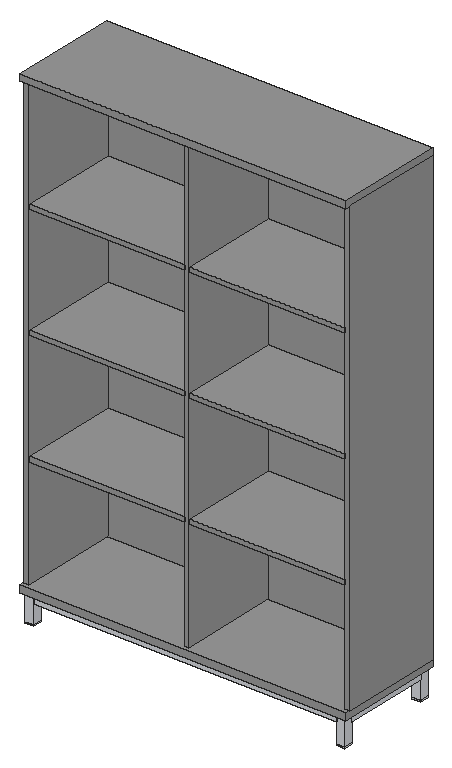
Revit family "Open Fronted Modular Storage With Wooden Door Options", category Furniture, Revit 2019 (continued)
Definition of nested family "Hinged Locking Wooden Doors - HD1 - Level 3"
  Definition of nested family "Handle Type B-1"
    Automatic sketch dimensions
      plane 1 "Center (Front/Back)" to Extrusion 18 sketch curve = 56.707 mm
      plane 1 "Center (Front/Back)" to Extrusion 18 sketch curve = 27.389 mm
      plane 3 "Center (Left/Right)" to Extrusion 18 sketch curve = 36 mm
      Extrusion 18 sketch curve to Extrusion 18 sketch curve = 1.632 mm
      plane 1 "Center (Front/Back)" to Extrusion 19 sketch curve = 56.707 mm
      plane 1 "Center (Front/Back)" to Extrusion 19 sketch curve = 26.024 mm
      plane 3 "Center (Left/Right)" to Extrusion 19 sketch curve = 41 mm
      Extrusion 19 sketch curve to Extrusion 19 sketch curve = 1.632 mm
      curve 4 to plane 1 "Center (Front/Back)" = 0 mm
      level to curve 4 = 994.578 mm
      radius of Extrusion 2 sketch curve = 4 mm  (x2)
  Definition of nested family "Handle Type D-1"
    Parameters (values of type "Handle Type D-1")
      URL = "www.gof.co.uk"
      Type Comments = ""
      Range = "STORAGE"
      Handle Type D = none
      Product Code = "Handle Type D"
      Model = ""
      Manufacturer = "Gresham Office Furniture"  # constant formula
      Assembly Code = "E2020200"
    Reference planes
      plane 1 "Center (Front/Back)": y = 0
      plane 2: z = 0
      plane 3 "Center (Left/Right)": x = 0
      plane 4: x = -475
      plane 5: x = 475
      plane 6: y = 260
      plane 7: y = -260
    Forms (mm)
      Extrusion 1, solid
        sketch origin (994.578, 0, 994.578) x (0, 0, 1) y (0, 1, 0)
          loop
            line (5, 0) -> (-5, 0) -> (-5, -6.91)
            arc (-5, -6.91) -> (-7.006, -15.176) -> (0, -20) r 7.5
            arc (0, -20) -> (7.006, -15.176) -> (5, -6.91) r 7.5
            line (5, -6.91) -> (5, 0)
        from 919.578 to 1069.578
    Lines and regions (mm)
      model lines, not visible, detail levels coarse+medium
        curve 1: line (75, 0, 999.578) -> (75, 0, 989.578)
        curve 2: line (-75, 0, 999.578) -> (-75, 0, 989.578)
      model lines, detail levels coarse+medium
        curve 3: line (-75, 0, 994.578) -> (75, 0, 994.578)
      model lines, not visible
        curve 4: line (0, 0, 999.578) -> (0, 0, 989.578)
    Dimensions and locks
      aligned and locked: level to plane 2
Definition of nested family "Hinged Locking Wooden Doors - HD1 - Level 2"
  Parameters (values of type "Hinged Locking Wooden Doors - HD1 - Level 2")
    Width = 1200 mm
    URL = "www.gof.co.uk"
    Shelves = none
    Range = "STORAGE"
    Product Data Specification = ""
    Product Code = "HD1"
    Product Brochure = ""
    Model = "BOOKCASE"
    Manufacturer = "Gresham Office Furniture"  # constant formula
    Height = 1816 mm
    Handle Type D [instance] = no
    Handle Type C [instance] = yes
    Handle Type B [instance] = no
    HD1 - Lock = yes
    Doors = none
    Carcass = none
    Depth = 400 mm
  Reference planes
    plane 1 "Center (Front/Back)": y = 0
    plane 2: z = 0
    plane 3 "Center (Left/Right)": x = 0
    plane 4: x = -600
    plane 5: x = 600
    plane 6: y = 200
    plane 7 "Front": y = -200
    plane 8 "Storage Top": z = 1816
    plane 9: z = 1803.5
    plane 10 "Door Front": y = -182
    plane 11: z = 112.5
    plane 12: z = 1791
    plane 13: z = 1400
    plane 14: z = 984
    plane 15: z = 959
    plane 16: z = 1375
    plane 17: z = 125
    plane 18: z = 100
  Forms (mm)
    Extrusion 1, solid, material <- "Doors", visible <- "HD1 - Lock"
      sketch origin (-839.743, -182, 1119.4) x (1, 0, 0) y (0, 0, 1)
        loop
          line (840.743, -575.4) -> (1439.743, -575.4) -> (1439.743, -163.4) -> (840.743, -163.4) -> (840.743, -575.4)
      from 0 to 18
    Extrusion 2, solid, visible <- "HD1 - Lock"
      sketch origin (0, 0, 415.5) x (-1, 0, 0) y (0, 0, -1)
        loop
          circle (-43, -457) r 10
      from 200 to 202
    Extrusion 3, solid, material <- "Doors", visible <- "HD1 - Lock"
      sketch origin (839.743, -182, 1119.4) x (-1, 0, 0) y (0, 0, -1)
        loop
          line (840.743, 575.4) -> (840.743, 163.4) -> (1439.743, 163.4) -> (1439.743, 575.4) -> (840.743, 575.4)
      from 0 to 18
    Extrusion 4, solid, visible <- "HD1 - Lock"
      sketch origin (0, 0, 415.5) x (1, 0, 0) y (0, 0, 1)
        loop
          circle (-43, 457) r 10
      from 200 to 202
  Dimensions and locks
    equal spacing: plane 4, plane 3 "Center (Left/Right)", plane 5
    "Width": plane 4 to plane 5
    equal spacing: plane 6, plane 1 "Center (Front/Back)", plane 7 "Front"
    "Depth": plane 6 to plane 7 "Front"
    "Height": plane 8 "Storage Top" to plane 2
    locked: plane 8 "Storage Top" to plane 9 at 12.5
    locked: plane 10 "Door Front" to plane 7 "Front" at 18
    locked: plane 11 to level at 112.5
    locked: plane 8 "Storage Top" to plane 12 at 25
    plane 12 to plane 11 = 1678.5 mm  (x2)
    locked: plane 13 to level at 1400
    locked: plane 14 to level at 984
    locked: plane 14 to plane 15 at 25
    locked: plane 13 to plane 16 at 25
    locked: plane 17 to plane 18 at 25
    locked: Extrusion 1 to Extrusion 1 at 412
    locked: Extrusion 1 to Extrusion 1 at 18
    locked: Extrusion 1 to nested 2 at 99
    locked: Extrusion 1 to nested 2 at 83.5
    locked: Extrusion 1 to nested 1 at 99
    locked: Extrusion 1 to nested 1 at 83.5
    locked: Extrusion 1 to nested 3 at 83.5
    locked: Extrusion 1 to nested 3 at 99
    locked: Extrusion 3 to Extrusion 3 at 412
    locked: Extrusion 3 to Extrusion 3 at 18
    locked: Extrusion 3 to nested 6 at 99
    locked: Extrusion 3 to nested 6 at 83.5
    locked: Extrusion 3 to nested 4 at 99
    locked: Extrusion 3 to nested 4 at 83.5
    locked: Extrusion 3 to nested 5 at 83.5
    locked: Extrusion 3 to nested 5 at 99
    aligned and locked: level to plane 2
    aligned and locked: Extrusion 2 sketch curve to nested 1
    aligned and locked: nested 6 to Extrusion 4 sketch curve
  Automatic sketch dimensions
    plane 5 to Extrusion 1 sketch curve = 0 mm
    plane 3 "Center (Left/Right)" to Extrusion 1 sketch curve = 1 mm
    Extrusion 1 sketch curve to plane 15 = 415 mm
    Extrusion 1 sketch curve to plane 15 = 3 mm
    Extrusion 2 sketch curve to plane 3 "Center (Left/Right)" = 43 mm
    Extrusion 3 sketch curve to plane 4 = 0 mm
    Extrusion 3 sketch curve to plane 3 "Center (Left/Right)" = 1 mm
    Extrusion 3 sketch curve to plane 15 = 3 mm
    Extrusion 3 sketch curve to Extrusion 3 sketch curve = 412 mm
    Extrusion 4 sketch curve to plane 3 "Center (Left/Right)" = 43 mm
    radius of Extrusion 2 sketch curve = 10 mm
    radius of Extrusion 4 sketch curve = 10 mm
  Nested families
    nested 1: "Handle Type C-1" at (175, -200, -108.638) x (-1, 0, 0) z (0, 0, 1), visible <- "Handle Type C", type "Handle Type C-1"
    nested 2: "Handle Type B-1" at (175, -200, -122.078) x (-1, 0, 0) z (0, 0, 1), visible <- "Handle Type B", type "Handle Type B-1"
    nested 3: "Handle Type D-1" at (175, -200, -122.078) x (-1, 0, 0) z (0, 0, 1), visible <- "Handle Type D", type "Handle Type D-1"
    nested 4: "Handle Type C-1" at (-175, -200, -108.638), visible <- "Handle Type C", type "Handle Type C-1"
    nested 5: "Handle Type B-1" at (-175, -200, -122.078), visible <- "Handle Type B", type "Handle Type B-1"
    nested 6: "Handle Type D-1" at (-175, -200, -122.078), visible <- "Handle Type D", type "Handle Type D-1"
  Definition of nested family "Handle Type C-1"
    Parameters (values of type "Handle Type C-1")
      URL = "www.gof.co.uk"
      Type Comments = ""
      Range = "STORAGE"
      Handle Type C = none
      Product Code = "Handle Type C"
      Model = ""
      Manufacturer = "Gresham Office Furniture"  # constant formula
      Assembly Code = "E2020200"
    Reference planes
      plane 1 "Center (Front/Back)": y = 0
      plane 2: z = 0
      plane 3 "Center (Left/Right)": x = 0
      plane 4: x = -475
      plane 5: x = 475
      plane 6 "Storage Top": z = 2007
      plane 7: y = 260
      plane 8: y = -260
    Forms (mm)
      Extrusion 1, void
        sketch origin (981.138, 0, 981.138) x (0, 1, 0) y (-1, 0, 0)
          loop
            line (0, 1072) -> (0, 884.5) -> (27.401, 884.5) -> (27.401, 1072) -> (0, 1072)
        from -12.204 to 11.22
      Sweep 2, solid, material <- "Handle Type C"
        path in 3D
          loop
            arc (-78.75, 3.75, 981.138) -> (0, -30, 981.138) -> (78.75, 3.75, 981.138) r 108.75
        profile origin (0, -30, 981.138) x (0, 1, 0) y (0, 0, 1)
          loop
            circle (0, 0) r 5
    Cuts and joins
      Extrusion 1 cuts Sweep 2
    Lines and regions (mm)
      model lines, detail levels coarse+medium
        curve 1: line (68, 0, 981.138) -> (-68, 0, 981.138)
      model lines, not visible, detail levels coarse+medium
        curve 2: line (0, 0, 986.138) -> (0, 0, 976.138)
      model lines, not visible
        curve 3: line (0, 0, 981.138) -> (0, -30, 981.138)
        curve 5: line (-75, 0, 976.138) -> (-75, 0, 986.138)
        curve 6: line (75, 0, 986.138) -> (75, 0, 976.138)
      sketch lines
        curve 4: arc (-78.75, 3.75, 981.138) -> (0, -30, 981.138) -> (78.75, 3.75, 981.138) r 108.75
    Dimensions and locks
      equal spacing: plane 4, plane 3 "Center (Left/Right)", plane 5
      locked: plane 4 to plane 5 at 950
      equal spacing: plane 7, plane 1 "Center (Front/Back)", plane 8
      locked: plane 7 to plane 8 at 520
      aligned and locked: level to plane 2
    Automatic sketch dimensions
      curve 3 to plane 1 "Center (Front/Back)" = 0 mm
      plane 1 "Center (Front/Back)" to curve 3 = 30 mm
      curve 2 to plane 3 "Center (Left/Right)" = 0 mm
      level to curve 2 = 976.138 mm
      curve 1 to plane 3 "Center (Left/Right)" = 68 mm
      curve 5 to curve 1 = 7 mm
      plane 3 "Center (Left/Right)" to curve 1 = 68 mm
      curve 1 to curve 6 = 7 mm
      curve 6 to curve 2 = 0 mm
      curve 5 to curve 2 = 0 mm
      curve 5 to curve 1 = 5 mm
      curve 1 to curve 6 = 5 mm
      curve 1 to curve 5 = 5 mm
      curve 2 to curve 2 = 10 mm
      plane 1 "Center (Front/Back)" to Extrusion 1 sketch curve = 0 mm
      Extrusion 1 sketch curve to plane 1 "Center (Front/Back)" = 27.401 mm
      plane 3 "Center (Left/Right)" to Extrusion 1 sketch curve = 96.638 mm
      Extrusion 1 sketch curve to plane 3 "Center (Left/Right)" = 90.862 mm
      Sweep 2 sketch curve to profile plane = 0 mm  (x2)
      level to curve 3 = 981.138 mm
      radius of Sweep 2 sketch curve = 5 mm
  Definition of nested family "Handle Type B-1"
    Parameters (values of type "Handle Type B-1")
      URL = "www.gof.co.uk"
      Type Comments = ""
      Range = "STORAGE"
      Handle Type B = none
      Product Code = "Handle Type B"
      Model = ""
      Manufacturer = "Gresham Office Furniture"  # constant formula
      Assembly Code = "E2020200"
    Reference planes
      plane 1 "Center (Front/Back)": y = 0
      plane 2: z = 0
      plane 3 "Center (Left/Right)": x = 0
      plane 4: x = -475
      plane 5: x = 475
      plane 6: y = 260
      plane 7: y = -260
    Forms (mm)
      Extrusion 1, void
        sketch origin (872.923, -128.373, 994.578) x (0, 1, 0) y (-1, 0, 0)
          loop
            line (71.667, 873.923) -> (71.667, 872.291) -> (97.075, 872.291) -> (97.075, 873.923) -> (71.667, 873.923)
        from -6 to 6
      Extrusion 2, solid
        sketch origin (988.138, 0, 994.578) x (0, 0, 1) y (-1, 0, 0)
          loop
            circle (0, 1063.138) r 4
          loop
            circle (0, 913.138) r 4
        from 0 to 10.354
      Sweep 3, solid
        path in 3D
          loop
            arc (-85, -5, 994.578) -> (0, -30, 994.578) -> (85, -5, 994.578) r 157
        profile origin (0, -30, 994.578) x (0, 1, 0) y (0, 0, 1)
          loop
            spline (0, 7.5) -> (-0.776, 7.244) -> (-1.5, 6.495) -> (-2.121, 5.303) -> (-2.598, 3.75) -> (-2.898, 1.941) -> (-3, 0) -> (-2.898, -1.941) -> (-2.598, -3.75) -> (-2.121, -5.303) -> (-1.5, -6.495) -> (-0.776, -7.244) -> (0, -7.5)
            spline (0, -7.5) -> (0.776, -7.244) -> (1.5, -6.495) -> (2.121, -5.303) -> (2.598, -3.75) -> (2.898, -1.941) -> (3, 0) -> (2.898, 1.941) -> (2.598, 3.75) -> (2.121, 5.303) -> (1.5, 6.495) -> (0.776, 7.244) -> (0, 7.5)
      Extrusion 4, void
        sketch origin (867.923, -128.373, 994.578) x (0, 1, 0) y (-1, 0, 0)
          loop
            line (71.667, 873.923) -> (71.667, 872.291) -> (97.075, 872.291) -> (97.075, 873.923) -> (71.667, 873.923)
        from -6 to 6
      Extrusion 5, void
        sketch origin (862.923, -128.373, 994.578) x (0, 1, 0) y (-1, 0, 0)
          loop
            line (71.667, 873.923) -> (71.667, 872.291) -> (98.373, 872.291) -> (98.373, 873.923) -> (71.667, 873.923)
        from -6 to 6
      Extrusion 6, void
        sketch origin (857.923, -128.373, 994.578) x (0, 1, 0) y (-1, 0, 0)
          loop
            line (71.667, 873.923) -> (71.667, 872.291) -> (98.373, 872.291) -> (98.373, 873.923) -> (71.667, 873.923)
        from -6 to 6
      Extrusion 7, void
        sketch origin (852.923, -128.373, 994.578) x (0, 1, 0) y (-1, 0, 0)
          loop
            line (71.667, 873.923) -> (71.667, 872.291) -> (98.842, 872.291) -> (98.842, 873.923) -> (71.667, 873.923)
        from -6 to 6
      Extrusion 8, void
        sketch origin (847.923, -128.373, 994.578) x (0, 1, 0) y (-1, 0, 0)
          loop
            line (71.667, 873.923) -> (71.667, 872.291) -> (99.385, 872.291) -> (99.385, 873.923) -> (71.667, 873.923)
        from -6 to 6
      Extrusion 9, void
        sketch origin (842.923, -128.373, 994.578) x (0, 1, 0) y (-1, 0, 0)
          loop
            line (71.667, 873.923) -> (71.667, 872.291) -> (100.2, 872.291) -> (100.2, 873.923) -> (71.667, 873.923)
        from -6 to 6
      Extrusion 10, void
        sketch origin (837.923, -128.373, 994.578) x (0, 1, 0) y (-1, 0, 0)
          loop
            line (71.667, 873.923) -> (71.667, 872.291) -> (100.984, 872.291) -> (100.984, 873.923) -> (71.667, 873.923)
        from -6 to 6
      Extrusion 11, void
        sketch origin (832.923, -128.373, 994.578) x (0, 1, 0) y (-1, 0, 0)
          loop
            line (71.667, 873.923) -> (71.667, 872.291) -> (102.35, 872.291) -> (102.35, 873.923) -> (71.667, 873.923)
        from -6 to 6
      Extrusion 12, void
        sketch origin (-867.923, -128.373, 994.578) x (0, 1, 0) y (-1, 0, 0)
          loop
            line (71.667, -873.923) -> (97.075, -873.923) -> (97.075, -872.291) -> (71.667, -872.291) -> (71.667, -873.923)
        from -6 to 6
      Extrusion 13, void
        sketch origin (-862.923, -128.373, 994.578) x (0, 1, 0) y (-1, 0, 0)
          loop
            line (71.667, -873.923) -> (98.373, -873.923) -> (98.373, -872.291) -> (71.667, -872.291) -> (71.667, -873.923)
        from -6 to 6
      Extrusion 14, void
        sketch origin (-857.923, -128.373, 994.578) x (0, 1, 0) y (-1, 0, 0)
          loop
            line (71.667, -873.923) -> (98.373, -873.923) -> (98.373, -872.291) -> (71.667, -872.291) -> (71.667, -873.923)
        from -6 to 6
      Extrusion 15, void
        sketch origin (-852.923, -128.373, 994.578) x (0, 1, 0) y (-1, 0, 0)
          loop
            line (71.667, -873.923) -> (98.842, -873.923) -> (98.842, -872.291) -> (71.667, -872.291) -> (71.667, -873.923)
        from -6 to 6
      Extrusion 16, void
        sketch origin (-847.923, -128.373, 994.578) x (0, 1, 0) y (-1, 0, 0)
          loop
            line (71.667, -873.923) -> (99.385, -873.923) -> (99.385, -872.291) -> (71.667, -872.291) -> (71.667, -873.923)
        from -6 to 6
      Extrusion 17, void
        sketch origin (-842.923, -128.373, 994.578) x (0, 1, 0) y (-1, 0, 0)
          loop
            line (71.667, -873.923) -> (100.2, -873.923) -> (100.2, -872.291) -> (71.667, -872.291) -> (71.667, -873.923)
        from -6 to 6
      Extrusion 18, void
        sketch origin (-837.923, -128.373, 994.578) x (0, 1, 0) y (-1, 0, 0)
          loop
            line (71.667, -873.923) -> (100.984, -873.923) -> (100.984, -872.291) -> (71.667, -872.291) -> (71.667, -873.923)
        from -6 to 6
      Extrusion 19, void
        sketch origin (-832.923, -128.373, 994.578) x (0, 1, 0) y (-1, 0, 0)
          loop
            line (71.667, -873.923) -> (102.35, -873.923) -> (102.35, -872.291) -> (71.667, -872.291) -> (71.667, -873.923)
        from -6 to 6
    Cuts and joins
      Extrusion 1, Extrusion 4, Extrusion 5, Extrusion 6, Extrusion 7, Extrusion 8, Extrusion 9, Extrusion 10, Extrusion 11, Extrusion 12, Extrusion 13, Extrusion 14, Extrusion 15, Extrusion 16, Extrusion 17, Extrusion 18, Extrusion 19 cuts Sweep 3
    Lines and regions (mm)
      model lines, not visible, detail levels coarse+medium
        curve 1: line (75, 0, 999.578) -> (75, 0, 989.578)
      model lines, not visible
        curve 2: line (-75, 0, 999.578) -> (-75, 0, 989.578)
        curve 4: line (0, 0, 994.578) -> (0, -30, 994.578)
        curve 6: line (0, 0, 999.578) -> (0, 0, 989.578)
      model lines
        curve 3: line (-75, 0, 994.578) -> (75, 0, 994.578)
      sketch lines
        curve 5: arc (-85, -5, 994.578) -> (0, -30, 994.578) -> (85, -5, 994.578) r 157
    Dimensions and locks
      equal spacing: plane 4, plane 3 "Center (Left/Right)", plane 5
      locked: plane 4 to plane 5 at 950
      equal spacing: plane 6, plane 1 "Center (Front/Back)", plane 7
      locked: plane 6 to plane 7 at 520
      aligned and locked: level to plane 2
    Automatic sketch dimensions
      curve 4 to curve 4 = 30 mm
      curve 6 to plane 3 "Center (Left/Right)" = 0 mm
      plane 3 "Center (Left/Right)" to curve 1 = 75 mm
      level to curve 1 = 989.578 mm
      curve 3 to plane 3 "Center (Left/Right)" = 75 mm
      curve 2 to curve 1 = 0 mm
      curve 6 to curve 1 = 0 mm
      curve 2 to curve 3 = 5 mm
      curve 6 to curve 6 = 10 mm
      curve 3 to curve 2 = 5 mm
      curve 3 to curve 1 = 5 mm
      plane 3 "Center (Left/Right)" to Extrusion 1 sketch curve = 0.632 mm
      plane 1 "Center (Front/Back)" to Extrusion 1 sketch curve = 56.707 mm
      Extrusion 1 sketch curve to Extrusion 1 sketch curve = 25.409 mm
      Extrusion 1 sketch curve to plane 3 "Center (Left/Right)" = 1 mm
      plane 3 "Center (Left/Right)" to Extrusion 2 sketch curve = 75 mm
      level to Extrusion 2 sketch curve = 994.578 mm
      Extrusion 2 sketch curve to plane 3 "Center (Left/Right)" = 75 mm
      Extrusion 2 sketch curve to Extrusion 2 sketch curve = 0 mm
      Sweep 3 sketch curve to profile plane = 0 mm  (x2)
      Sweep 3 sketch curve to Sweep 3 sketch curve = 7.5 mm
      Extrusion 4 sketch curve to plane 3 "Center (Left/Right)" = 4.368 mm
      plane 1 "Center (Front/Back)" to Extrusion 4 sketch curve = 56.707 mm
      Extrusion 4 sketch curve to Extrusion 4 sketch curve = 25.409 mm
      Extrusion 4 sketch curve to Extrusion 4 sketch curve = 1.632 mm
      Extrusion 5 sketch curve to plane 3 "Center (Left/Right)" = 9.368 mm
      plane 1 "Center (Front/Back)" to Extrusion 5 sketch curve = 56.707 mm
      Extrusion 5 sketch curve to Extrusion 5 sketch curve = 26.707 mm
      Extrusion 5 sketch curve to Extrusion 5 sketch curve = 1.632 mm
      Extrusion 6 sketch curve to plane 3 "Center (Left/Right)" = 14.368 mm
      plane 1 "Center (Front/Back)" to Extrusion 6 sketch curve = 56.707 mm
      Extrusion 6 sketch curve to Extrusion 6 sketch curve = 26.707 mm
      Extrusion 6 sketch curve to Extrusion 6 sketch curve = 1.632 mm
      Extrusion 7 sketch curve to plane 3 "Center (Left/Right)" = 19.368 mm
      plane 1 "Center (Front/Back)" to Extrusion 7 sketch curve = 56.707 mm
      Extrusion 7 sketch curve to Extrusion 7 sketch curve = 27.176 mm
      Extrusion 7 sketch curve to Extrusion 7 sketch curve = 1.632 mm
      Extrusion 8 sketch curve to plane 3 "Center (Left/Right)" = 24.368 mm
      plane 1 "Center (Front/Back)" to Extrusion 8 sketch curve = 56.707 mm
      Extrusion 8 sketch curve to Extrusion 8 sketch curve = 27.719 mm
      Extrusion 8 sketch curve to Extrusion 8 sketch curve = 1.632 mm
      plane 1 "Center (Front/Back)" to Extrusion 9 sketch curve = 56.707 mm
      plane 1 "Center (Front/Back)" to Extrusion 9 sketch curve = 28.173 mm
      Extrusion 9 sketch curve to plane 3 "Center (Left/Right)" = 29.368 mm
      Extrusion 9 sketch curve to Extrusion 9 sketch curve = 1.632 mm
      plane 1 "Center (Front/Back)" to Extrusion 10 sketch curve = 56.707 mm
      plane 1 "Center (Front/Back)" to Extrusion 10 sketch curve = 27.389 mm
      Extrusion 10 sketch curve to plane 3 "Center (Left/Right)" = 34.368 mm
      Extrusion 10 sketch curve to Extrusion 10 sketch curve = 1.632 mm
      plane 1 "Center (Front/Back)" to Extrusion 11 sketch curve = 56.707 mm
      plane 1 "Center (Front/Back)" to Extrusion 11 sketch curve = 26.024 mm
      Extrusion 11 sketch curve to plane 3 "Center (Left/Right)" = 39.368 mm
      Extrusion 11 sketch curve to Extrusion 11 sketch curve = 1.632 mm
      plane 3 "Center (Left/Right)" to Extrusion 12 sketch curve = 4.368 mm
      plane 1 "Center (Front/Back)" to Extrusion 12 sketch curve = 56.707 mm
      Extrusion 12 sketch curve to Extrusion 12 sketch curve = 25.409 mm
      Extrusion 12 sketch curve to Extrusion 12 sketch curve = 1.632 mm
      plane 3 "Center (Left/Right)" to Extrusion 13 sketch curve = 9.368 mm
      plane 1 "Center (Front/Back)" to Extrusion 13 sketch curve = 56.707 mm
      Extrusion 13 sketch curve to Extrusion 13 sketch curve = 26.707 mm
      Extrusion 13 sketch curve to Extrusion 13 sketch curve = 1.632 mm
      plane 3 "Center (Left/Right)" to Extrusion 14 sketch curve = 14.368 mm
      plane 1 "Center (Front/Back)" to Extrusion 14 sketch curve = 56.707 mm
      Extrusion 14 sketch curve to Extrusion 14 sketch curve = 26.707 mm
      Extrusion 14 sketch curve to Extrusion 14 sketch curve = 1.632 mm
      plane 3 "Center (Left/Right)" to Extrusion 15 sketch curve = 19.368 mm
      plane 1 "Center (Front/Back)" to Extrusion 15 sketch curve = 56.707 mm
      Extrusion 15 sketch curve to Extrusion 15 sketch curve = 27.176 mm
      Extrusion 15 sketch curve to Extrusion 15 sketch curve = 1.632 mm
      plane 3 "Center (Left/Right)" to Extrusion 16 sketch curve = 24.368 mm
      plane 1 "Center (Front/Back)" to Extrusion 16 sketch curve = 56.707 mm
      Extrusion 16 sketch curve to Extrusion 16 sketch curve = 27.719 mm
      Extrusion 16 sketch curve to Extrusion 16 sketch curve = 1.632 mm
      plane 1 "Center (Front/Back)" to Extrusion 17 sketch curve = 56.707 mm
      plane 1 "Center (Front/Back)" to Extrusion 17 sketch curve = 28.173 mm
      plane 3 "Center (Left/Right)" to Extrusion 17 sketch curve = 31 mm
      Extrusion 17 sketch curve to Extrusion 17 sketch curve = 1.632 mm
      plane 1 "Center (Front/Back)" to Extrusion 18 sketch curve = 56.707 mm
      plane 1 "Center (Front/Back)" to Extrusion 18 sketch curve = 27.389 mm
      plane 3 "Center (Left/Right)" to Extrusion 18 sketch curve = 36 mm
      Extrusion 18 sketch curve to Extrusion 18 sketch curve = 1.632 mm
      plane 1 "Center (Front/Back)" to Extrusion 19 sketch curve = 56.707 mm
      plane 1 "Center (Front/Back)" to Extrusion 19 sketch curve = 26.024 mm
      plane 3 "Center (Left/Right)" to Extrusion 19 sketch curve = 41 mm
      Extrusion 19 sketch curve to Extrusion 19 sketch curve = 1.632 mm
      curve 4 to plane 1 "Center (Front/Back)" = 0 mm
      level to curve 4 = 994.578 mm
      radius of Extrusion 2 sketch curve = 4 mm  (x2)
  Definition of nested family "Handle Type D-1"
    Parameters (values of type "Handle Type D-1")
      URL = "www.gof.co.uk"
      Type Comments = ""
      Range = "STORAGE"
      Handle Type D = none
      Product Code = "Handle Type D"
      Model = ""
      Manufacturer = "Gresham Office Furniture"  # constant formula
      Assembly Code = "E2020200"
    Reference planes
      plane 1 "Center (Front/Back)": y = 0
      plane 2: z = 0
      plane 3 "Center (Left/Right)": x = 0
      plane 4: x = -475
      plane 5: x = 475
      plane 6: y = 260
      plane 7: y = -260
    Forms (mm)
      Extrusion 1, solid
        sketch origin (994.578, 0, 994.578) x (0, 0, 1) y (0, 1, 0)
          loop
            line (5, 0) -> (-5, 0) -> (-5, -6.91)
            arc (-5, -6.91) -> (-7.006, -15.176) -> (0, -20) r 7.5
            arc (0, -20) -> (7.006, -15.176) -> (5, -6.91) r 7.5
            line (5, -6.91) -> (5, 0)
        from 919.578 to 1069.578
    Lines and regions (mm)
      model lines, not visible, detail levels coarse+medium
        curve 1: line (75, 0, 999.578) -> (75, 0, 989.578)
        curve 2: line (-75, 0, 999.578) -> (-75, 0, 989.578)
      model lines, detail levels coarse+medium
        curve 3: line (-75, 0, 994.578) -> (75, 0, 994.578)
      model lines, not visible
        curve 4: line (0, 0, 999.578) -> (0, 0, 989.578)
    Dimensions and locks
      aligned and locked: level to plane 2
Definition of nested family "Hinged Locking Wooden Doors - HD1 - Level 4"
  Parameters (values of type "Hinged Locking Wooden Doors - HD1 - Level 4")
    Width = 1200 mm
    URL = "www.gof.co.uk"
    Shelves = none
    Range = "STORAGE"
    Product Data Specification = ""
    Product Code = "HD1"
    Product Brochure = ""
    Model = "BOOKCASE"
    Manufacturer = "Gresham Office Furniture"  # constant formula
    Height = 1816 mm
    Handle Type D [instance] = no
    Handle Type C [instance] = yes
    Handle Type B [instance] = no
    HD1 - Lock = yes
    Doors = none
    Carcass = none
    Depth = 400 mm
  Reference planes
    plane 1 "Center (Front/Back)": y = 0
    plane 2: z = 0
    plane 3 "Center (Left/Right)": x = 0
    plane 4: x = -600
    plane 5: x = 600
    plane 6: y = 200
    plane 7 "Front": y = -200
    plane 8 "Storage Top": z = 1816
    plane 9: z = 1803.5
    plane 10 "Door Front": y = -182
    plane 11: z = 112.5
    plane 12: z = 1791
    plane 13: z = 1400
    plane 14: z = 984
    plane 15: z = 959
    plane 16: z = 1375
    plane 17: z = 125
    plane 18: z = 100
  Forms (mm)
    Extrusion 1, solid, material <- "Doors", visible <- "HD1 - Lock"
      sketch origin (-839.743, -182, 1950.4) x (1, 0, 0) y (0, 0, 1)
        loop
          line (840.743, -575.4) -> (1439.743, -575.4) -> (1439.743, -163.4) -> (840.743, -163.4) -> (840.743, -575.4)
      from 0 to 18
    Extrusion 2, solid, visible <- "HD1 - Lock"
      sketch origin (0, 0, 1246.5) x (-1, 0, 0) y (0, 0, -1)
        loop
          circle (-43, -212.5) r 10
      from 200 to 202
    Extrusion 3, solid, material <- "Doors", visible <- "HD1 - Lock"
      sketch origin (839.743, -182, 1950.4) x (-1, 0, 0) y (0, 0, -1)
        loop
          line (840.743, 575.4) -> (840.743, 163.4) -> (1439.743, 163.4) -> (1439.743, 575.4) -> (840.743, 575.4)
      from 0 to 18
    Extrusion 4, solid, visible <- "HD1 - Lock"
      sketch origin (0, 0, 1246.5) x (1, 0, 0) y (0, 0, 1)
        loop
          circle (-43, 212.5) r 10
      from 200 to 202
  Dimensions and locks
    equal spacing: plane 4, plane 3 "Center (Left/Right)", plane 5
    "Width": plane 4 to plane 5
    equal spacing: plane 6, plane 1 "Center (Front/Back)", plane 7 "Front"
    "Depth": plane 6 to plane 7 "Front"
    "Height": plane 8 "Storage Top" to plane 2
    locked: plane 8 "Storage Top" to plane 9 at 12.5
    locked: plane 10 "Door Front" to plane 7 "Front" at 18
    locked: plane 11 to level at 112.5
    locked: plane 8 "Storage Top" to plane 12 at 25
    plane 12 to plane 11 = 1678.5 mm  (x2)
    locked: plane 13 to level at 1400
    locked: plane 14 to level at 984
    locked: plane 14 to plane 15 at 25
    locked: plane 13 to plane 16 at 25
    locked: plane 17 to plane 18 at 25
    locked: Extrusion 1 to Extrusion 1 at 412
    locked: Extrusion 1 to Extrusion 1 at 18
    locked: nested 1 to Extrusion 1 at 84
    locked: nested 3 to Extrusion 1 at 84
    locked: nested 2 to Extrusion 1 at 84
    locked: Extrusion 1 to nested 2 at 99
    locked: Extrusion 1 to nested 1 at 99
    locked: Extrusion 1 to nested 3 at 99
    locked: Extrusion 3 to Extrusion 3 at 412
    locked: Extrusion 3 to Extrusion 3 at 18
    locked: Extrusion 3 to nested 6 at 99
    locked: nested 6 to Extrusion 3 at 84
    locked: nested 4 to Extrusion 3 at 84
    locked: Extrusion 3 to nested 4 at 99
    locked: Extrusion 3 to nested 5 at 99
    locked: nested 5 to Extrusion 3 at 84
    aligned and locked: level to plane 2
    aligned and locked: Extrusion 2 sketch curve to nested 1
    aligned and locked: nested 6 to Extrusion 4 sketch curve
  Automatic sketch dimensions
    Extrusion 1 sketch curve to plane 16 = 0 mm
    plane 5 to Extrusion 1 sketch curve = 0 mm
    plane 3 "Center (Left/Right)" to Extrusion 1 sketch curve = 1 mm
    Extrusion 1 sketch curve to plane 12 = 4 mm
    plane 3 "Center (Left/Right)" to Extrusion 2 sketch curve = 43 mm
    Extrusion 3 sketch curve to plane 16 = 0 mm
    Extrusion 3 sketch curve to plane 4 = 0 mm
    Extrusion 3 sketch curve to plane 3 "Center (Left/Right)" = 1 mm
    Extrusion 3 sketch curve to plane 12 = 4 mm
    Extrusion 4 sketch curve to plane 3 "Center (Left/Right)" = 43 mm
    radius of Extrusion 2 sketch curve = 10 mm
    radius of Extrusion 4 sketch curve = 10 mm
  Nested families
    nested 1: "Handle Type C-1" at (175, -200, 477.862) x (-1, 0, 0) z (0, 0, 1), visible <- "Handle Type C", type "Handle Type C-1"
    nested 2: "Handle Type B-1" at (175, -200, 464.422) x (-1, 0, 0) z (0, 0, 1), visible <- "Handle Type B", type "Handle Type B-1"
    nested 3: "Handle Type D-1" at (175, -200, 464.422) x (-1, 0, 0) z (0, 0, 1), visible <- "Handle Type D", type "Handle Type D-1"
    nested 4: "Handle Type C-1" at (-175, -200, 477.862), visible <- "Handle Type C", type "Handle Type C-1"
    nested 5: "Handle Type B-1" at (-175, -200, 464.422), visible <- "Handle Type B", type "Handle Type B-1"
    nested 6: "Handle Type D-1" at (-175, -200, 464.422), visible <- "Handle Type D", type "Handle Type D-1"
  Definition of nested family "Handle Type C-1"
    Parameters (values of type "Handle Type C-1")
      URL = "www.gof.co.uk"
      Type Comments = ""
      Range = "STORAGE"
      Handle Type C = none
      Product Code = "Handle Type C"
      Model = ""
      Manufacturer = "Gresham Office Furniture"  # constant formula
      Assembly Code = "E2020200"
    Reference planes
      plane 1 "Center (Front/Back)": y = 0
      plane 2: z = 0
      plane 3 "Center (Left/Right)": x = 0
      plane 4: x = -475
      plane 5: x = 475
      plane 6 "Storage Top": z = 2007
      plane 7: y = 260
      plane 8: y = -260
    Forms (mm)
      Extrusion 1, void
        sketch origin (981.138, 0, 981.138) x (0, 1, 0) y (-1, 0, 0)
          loop
            line (0, 1072) -> (0, 884.5) -> (27.401, 884.5) -> (27.401, 1072) -> (0, 1072)
        from -12.204 to 11.22
      Sweep 2, solid, material <- "Handle Type C"
        path in 3D
          loop
            arc (-78.75, 3.75, 981.138) -> (0, -30, 981.138) -> (78.75, 3.75, 981.138) r 108.75
        profile origin (0, -30, 981.138) x (0, 1, 0) y (0, 0, 1)
          loop
            circle (0, 0) r 5
    Cuts and joins
      Extrusion 1 cuts Sweep 2
    Lines and regions (mm)
      model lines, detail levels coarse+medium
        curve 1: line (68, 0, 981.138) -> (-68, 0, 981.138)
      model lines, not visible, detail levels coarse+medium
        curve 2: line (0, 0, 986.138) -> (0, 0, 976.138)
      model lines, not visible
        curve 3: line (0, 0, 981.138) -> (0, -30, 981.138)
        curve 5: line (-75, 0, 976.138) -> (-75, 0, 986.138)
        curve 6: line (75, 0, 986.138) -> (75, 0, 976.138)
      sketch lines
        curve 4: arc (-78.75, 3.75, 981.138) -> (0, -30, 981.138) -> (78.75, 3.75, 981.138) r 108.75
    Dimensions and locks
      equal spacing: plane 4, plane 3 "Center (Left/Right)", plane 5
      locked: plane 4 to plane 5 at 950
      equal spacing: plane 7, plane 1 "Center (Front/Back)", plane 8
      locked: plane 7 to plane 8 at 520
      aligned and locked: level to plane 2
    Automatic sketch dimensions
      curve 3 to plane 1 "Center (Front/Back)" = 0 mm
      plane 1 "Center (Front/Back)" to curve 3 = 30 mm
      curve 2 to plane 3 "Center (Left/Right)" = 0 mm
      level to curve 2 = 976.138 mm
      curve 1 to plane 3 "Center (Left/Right)" = 68 mm
      curve 5 to curve 1 = 7 mm
      plane 3 "Center (Left/Right)" to curve 1 = 68 mm
      curve 1 to curve 6 = 7 mm
      curve 6 to curve 2 = 0 mm
      curve 5 to curve 2 = 0 mm
      curve 5 to curve 1 = 5 mm
      curve 1 to curve 6 = 5 mm
      curve 1 to curve 5 = 5 mm
      curve 2 to curve 2 = 10 mm
      plane 1 "Center (Front/Back)" to Extrusion 1 sketch curve = 0 mm
      Extrusion 1 sketch curve to plane 1 "Center (Front/Back)" = 27.401 mm
      plane 3 "Center (Left/Right)" to Extrusion 1 sketch curve = 96.638 mm
      Extrusion 1 sketch curve to plane 3 "Center (Left/Right)" = 90.862 mm
      Sweep 2 sketch curve to profile plane = 0 mm  (x2)
      level to curve 3 = 981.138 mm
      radius of Sweep 2 sketch curve = 5 mm
  Definition of nested family "Handle Type B-1"
    Parameters (values of type "Handle Type B-1")
      URL = "www.gof.co.uk"
      Type Comments = ""
      Range = "STORAGE"
      Handle Type B = none
      Product Code = "Handle Type B"
      Model = ""
      Manufacturer = "Gresham Office Furniture"  # constant formula
      Assembly Code = "E2020200"
    Reference planes
      plane 1 "Center (Front/Back)": y = 0
      plane 2: z = 0
      plane 3 "Center (Left/Right)": x = 0
      plane 4: x = -475
      plane 5: x = 475
      plane 6: y = 260
      plane 7: y = -260
    Forms (mm)
      Extrusion 1, void
        sketch origin (872.923, -128.373, 994.578) x (0, 1, 0) y (-1, 0, 0)
          loop
            line (71.667, 873.923) -> (71.667, 872.291) -> (97.075, 872.291) -> (97.075, 873.923) -> (71.667, 873.923)
        from -6 to 6
      Extrusion 2, solid
        sketch origin (988.138, 0, 994.578) x (0, 0, 1) y (-1, 0, 0)
          loop
            circle (0, 1063.138) r 4
          loop
            circle (0, 913.138) r 4
        from 0 to 10.354
      Sweep 3, solid
        path in 3D
          loop
            arc (-85, -5, 994.578) -> (0, -30, 994.578) -> (85, -5, 994.578) r 157
        profile origin (0, -30, 994.578) x (0, 1, 0) y (0, 0, 1)
          loop
            spline (0, 7.5) -> (-0.776, 7.244) -> (-1.5, 6.495) -> (-2.121, 5.303) -> (-2.598, 3.75) -> (-2.898, 1.941) -> (-3, 0) -> (-2.898, -1.941) -> (-2.598, -3.75) -> (-2.121, -5.303) -> (-1.5, -6.495) -> (-0.776, -7.244) -> (0, -7.5)
            spline (0, -7.5) -> (0.776, -7.244) -> (1.5, -6.495) -> (2.121, -5.303) -> (2.598, -3.75) -> (2.898, -1.941) -> (3, 0) -> (2.898, 1.941) -> (2.598, 3.75) -> (2.121, 5.303) -> (1.5, 6.495) -> (0.776, 7.244) -> (0, 7.5)
      Extrusion 4, void
        sketch origin (867.923, -128.373, 994.578) x (0, 1, 0) y (-1, 0, 0)
          loop
            line (71.667, 873.923) -> (71.667, 872.291) -> (97.075, 872.291) -> (97.075, 873.923) -> (71.667, 873.923)
        from -6 to 6
      Extrusion 5, void
        sketch origin (862.923, -128.373, 994.578) x (0, 1, 0) y (-1, 0, 0)
          loop
            line (71.667, 873.923) -> (71.667, 872.291) -> (98.373, 872.291) -> (98.373, 873.923) -> (71.667, 873.923)
        from -6 to 6
      Extrusion 6, void
        sketch origin (857.923, -128.373, 994.578) x (0, 1, 0) y (-1, 0, 0)
          loop
            line (71.667, 873.923) -> (71.667, 872.291) -> (98.373, 872.291) -> (98.373, 873.923) -> (71.667, 873.923)
        from -6 to 6
      Extrusion 7, void
        sketch origin (852.923, -128.373, 994.578) x (0, 1, 0) y (-1, 0, 0)
          loop
            line (71.667, 873.923) -> (71.667, 872.291) -> (98.842, 872.291) -> (98.842, 873.923) -> (71.667, 873.923)
        from -6 to 6
      Extrusion 8, void
        sketch origin (847.923, -128.373, 994.578) x (0, 1, 0) y (-1, 0, 0)
          loop
            line (71.667, 873.923) -> (71.667, 872.291) -> (99.385, 872.291) -> (99.385, 873.923) -> (71.667, 873.923)
        from -6 to 6
      Extrusion 9, void
        sketch origin (842.923, -128.373, 994.578) x (0, 1, 0) y (-1, 0, 0)
          loop
            line (71.667, 873.923) -> (71.667, 872.291) -> (100.2, 872.291) -> (100.2, 873.923) -> (71.667, 873.923)
        from -6 to 6
      Extrusion 10, void
        sketch origin (837.923, -128.373, 994.578) x (0, 1, 0) y (-1, 0, 0)
          loop
            line (71.667, 873.923) -> (71.667, 872.291) -> (100.984, 872.291) -> (100.984, 873.923) -> (71.667, 873.923)
        from -6 to 6
      Extrusion 11, void
        sketch origin (832.923, -128.373, 994.578) x (0, 1, 0) y (-1, 0, 0)
          loop
            line (71.667, 873.923) -> (71.667, 872.291) -> (102.35, 872.291) -> (102.35, 873.923) -> (71.667, 873.923)
        from -6 to 6
      Extrusion 12, void
        sketch origin (-867.923, -128.373, 994.578) x (0, 1, 0) y (-1, 0, 0)
          loop
            line (71.667, -873.923) -> (97.075, -873.923) -> (97.075, -872.291) -> (71.667, -872.291) -> (71.667, -873.923)
        from -6 to 6
      Extrusion 13, void
        sketch origin (-862.923, -128.373, 994.578) x (0, 1, 0) y (-1, 0, 0)
          loop
            line (71.667, -873.923) -> (98.373, -873.923) -> (98.373, -872.291) -> (71.667, -872.291) -> (71.667, -873.923)
        from -6 to 6
      Extrusion 14, void
        sketch origin (-857.923, -128.373, 994.578) x (0, 1, 0) y (-1, 0, 0)
          loop
            line (71.667, -873.923) -> (98.373, -873.923) -> (98.373, -872.291) -> (71.667, -872.291) -> (71.667, -873.923)
        from -6 to 6
      Extrusion 15, void
        sketch origin (-852.923, -128.373, 994.578) x (0, 1, 0) y (-1, 0, 0)
          loop
            line (71.667, -873.923) -> (98.842, -873.923) -> (98.842, -872.291) -> (71.667, -872.291) -> (71.667, -873.923)
        from -6 to 6
      Extrusion 16, void
        sketch origin (-847.923, -128.373, 994.578) x (0, 1, 0) y (-1, 0, 0)
          loop
            line (71.667, -873.923) -> (99.385, -873.923) -> (99.385, -872.291) -> (71.667, -872.291) -> (71.667, -873.923)
        from -6 to 6
      Extrusion 17, void
        sketch origin (-842.923, -128.373, 994.578) x (0, 1, 0) y (-1, 0, 0)
          loop
            line (71.667, -873.923) -> (100.2, -873.923) -> (100.2, -872.291) -> (71.667, -872.291) -> (71.667, -873.923)
        from -6 to 6
      Extrusion 18, void
        sketch origin (-837.923, -128.373, 994.578) x (0, 1, 0) y (-1, 0, 0)
          loop
            line (71.667, -873.923) -> (100.984, -873.923) -> (100.984, -872.291) -> (71.667, -872.291) -> (71.667, -873.923)
        from -6 to 6
      Extrusion 19, void
        sketch origin (-832.923, -128.373, 994.578) x (0, 1, 0) y (-1, 0, 0)
          loop
            line (71.667, -873.923) -> (102.35, -873.923) -> (102.35, -872.291) -> (71.667, -872.291) -> (71.667, -873.923)
        from -6 to 6
    Cuts and joins
      Extrusion 1, Extrusion 4, Extrusion 5, Extrusion 6, Extrusion 7, Extrusion 8, Extrusion 9, Extrusion 10, Extrusion 11, Extrusion 12, Extrusion 13, Extrusion 14, Extrusion 15, Extrusion 16, Extrusion 17, Extrusion 18, Extrusion 19 cuts Sweep 3
    Lines and regions (mm)
      model lines, not visible, detail levels coarse+medium
        curve 1: line (75, 0, 999.578) -> (75, 0, 989.578)
      model lines, not visible
        curve 2: line (-75, 0, 999.578) -> (-75, 0, 989.578)
        curve 4: line (0, 0, 994.578) -> (0, -30, 994.578)
        curve 6: line (0, 0, 999.578) -> (0, 0, 989.578)
      model lines
        curve 3: line (-75, 0, 994.578) -> (75, 0, 994.578)
      sketch lines
        curve 5: arc (-85, -5, 994.578) -> (0, -30, 994.578) -> (85, -5, 994.578) r 157
    Dimensions and locks
      equal spacing: plane 4, plane 3 "Center (Left/Right)", plane 5
      locked: plane 4 to plane 5 at 950
      equal spacing: plane 6, plane 1 "Center (Front/Back)", plane 7
      locked: plane 6 to plane 7 at 520
      aligned and locked: level to plane 2
    Automatic sketch dimensions
      curve 4 to curve 4 = 30 mm
      curve 6 to plane 3 "Center (Left/Right)" = 0 mm
      plane 3 "Center (Left/Right)" to curve 1 = 75 mm
      level to curve 1 = 989.578 mm
      curve 3 to plane 3 "Center (Left/Right)" = 75 mm
      curve 2 to curve 1 = 0 mm
      curve 6 to curve 1 = 0 mm
      curve 2 to curve 3 = 5 mm
      curve 6 to curve 6 = 10 mm
      curve 3 to curve 2 = 5 mm
      curve 3 to curve 1 = 5 mm
      plane 3 "Center (Left/Right)" to Extrusion 1 sketch curve = 0.632 mm
      plane 1 "Center (Front/Back)" to Extrusion 1 sketch curve = 56.707 mm
      Extrusion 1 sketch curve to Extrusion 1 sketch curve = 25.409 mm
      Extrusion 1 sketch curve to plane 3 "Center (Left/Right)" = 1 mm
      plane 3 "Center (Left/Right)" to Extrusion 2 sketch curve = 75 mm
      level to Extrusion 2 sketch curve = 994.578 mm
      Extrusion 2 sketch curve to plane 3 "Center (Left/Right)" = 75 mm
      Extrusion 2 sketch curve to Extrusion 2 sketch curve = 0 mm
      Sweep 3 sketch curve to profile plane = 0 mm  (x2)
      Sweep 3 sketch curve to Sweep 3 sketch curve = 7.5 mm
      Extrusion 4 sketch curve to plane 3 "Center (Left/Right)" = 4.368 mm
      plane 1 "Center (Front/Back)" to Extrusion 4 sketch curve = 56.707 mm
      Extrusion 4 sketch curve to Extrusion 4 sketch curve = 25.409 mm
      Extrusion 4 sketch curve to Extrusion 4 sketch curve = 1.632 mm
      Extrusion 5 sketch curve to plane 3 "Center (Left/Right)" = 9.368 mm
      plane 1 "Center (Front/Back)" to Extrusion 5 sketch curve = 56.707 mm
      Extrusion 5 sketch curve to Extrusion 5 sketch curve = 26.707 mm
      Extrusion 5 sketch curve to Extrusion 5 sketch curve = 1.632 mm
      Extrusion 6 sketch curve to plane 3 "Center (Left/Right)" = 14.368 mm
      plane 1 "Center (Front/Back)" to Extrusion 6 sketch curve = 56.707 mm
      Extrusion 6 sketch curve to Extrusion 6 sketch curve = 26.707 mm
      Extrusion 6 sketch curve to Extrusion 6 sketch curve = 1.632 mm
      Extrusion 7 sketch curve to plane 3 "Center (Left/Right)" = 19.368 mm
      plane 1 "Center (Front/Back)" to Extrusion 7 sketch curve = 56.707 mm
      Extrusion 7 sketch curve to Extrusion 7 sketch curve = 27.176 mm
      Extrusion 7 sketch curve to Extrusion 7 sketch curve = 1.632 mm
      Extrusion 8 sketch curve to plane 3 "Center (Left/Right)" = 24.368 mm
      plane 1 "Center (Front/Back)" to Extrusion 8 sketch curve = 56.707 mm
      Extrusion 8 sketch curve to Extrusion 8 sketch curve = 27.719 mm
      Extrusion 8 sketch curve to Extrusion 8 sketch curve = 1.632 mm
      plane 1 "Center (Front/Back)" to Extrusion 9 sketch curve = 56.707 mm
      plane 1 "Center (Front/Back)" to Extrusion 9 sketch curve = 28.173 mm
      Extrusion 9 sketch curve to plane 3 "Center (Left/Right)" = 29.368 mm
      Extrusion 9 sketch curve to Extrusion 9 sketch curve = 1.632 mm
      plane 1 "Center (Front/Back)" to Extrusion 10 sketch curve = 56.707 mm
      plane 1 "Center (Front/Back)" to Extrusion 10 sketch curve = 27.389 mm
      Extrusion 10 sketch curve to plane 3 "Center (Left/Right)" = 34.368 mm
      Extrusion 10 sketch curve to Extrusion 10 sketch curve = 1.632 mm
      plane 1 "Center (Front/Back)" to Extrusion 11 sketch curve = 56.707 mm
      plane 1 "Center (Front/Back)" to Extrusion 11 sketch curve = 26.024 mm
      Extrusion 11 sketch curve to plane 3 "Center (Left/Right)" = 39.368 mm
      Extrusion 11 sketch curve to Extrusion 11 sketch curve = 1.632 mm
      plane 3 "Center (Left/Right)" to Extrusion 12 sketch curve = 4.368 mm
      plane 1 "Center (Front/Back)" to Extrusion 12 sketch curve = 56.707 mm
      Extrusion 12 sketch curve to Extrusion 12 sketch curve = 25.409 mm
      Extrusion 12 sketch curve to Extrusion 12 sketch curve = 1.632 mm
      plane 3 "Center (Left/Right)" to Extrusion 13 sketch curve = 9.368 mm
      plane 1 "Center (Front/Back)" to Extrusion 13 sketch curve = 56.707 mm
      Extrusion 13 sketch curve to Extrusion 13 sketch curve = 26.707 mm
      Extrusion 13 sketch curve to Extrusion 13 sketch curve = 1.632 mm
      plane 3 "Center (Left/Right)" to Extrusion 14 sketch curve = 14.368 mm
      plane 1 "Center (Front/Back)" to Extrusion 14 sketch curve = 56.707 mm
      Extrusion 14 sketch curve to Extrusion 14 sketch curve = 26.707 mm
      Extrusion 14 sketch curve to Extrusion 14 sketch curve = 1.632 mm
      plane 3 "Center (Left/Right)" to Extrusion 15 sketch curve = 19.368 mm
      plane 1 "Center (Front/Back)" to Extrusion 15 sketch curve = 56.707 mm
      Extrusion 15 sketch curve to Extrusion 15 sketch curve = 27.176 mm
      Extrusion 15 sketch curve to Extrusion 15 sketch curve = 1.632 mm
      plane 3 "Center (Left/Right)" to Extrusion 16 sketch curve = 24.368 mm
      plane 1 "Center (Front/Back)" to Extrusion 16 sketch curve = 56.707 mm
      Extrusion 16 sketch curve to Extrusion 16 sketch curve = 27.719 mm
      Extrusion 16 sketch curve to Extrusion 16 sketch curve = 1.632 mm
      plane 1 "Center (Front/Back)" to Extrusion 17 sketch curve = 56.707 mm
      plane 1 "Center (Front/Back)" to Extrusion 17 sketch curve = 28.173 mm
      plane 3 "Center (Left/Right)" to Extrusion 17 sketch curve = 31 mm
      Extrusion 17 sketch curve to Extrusion 17 sketch curve = 1.632 mm
      plane 1 "Center (Front/Back)" to Extrusion 18 sketch curve = 56.707 mm
      plane 1 "Center (Front/Back)" to Extrusion 18 sketch curve = 27.389 mm
      plane 3 "Center (Left/Right)" to Extrusion 18 sketch curve = 36 mm
      Extrusion 18 sketch curve to Extrusion 18 sketch curve = 1.632 mm
      plane 1 "Center (Front/Back)" to Extrusion 19 sketch curve = 56.707 mm
      plane 1 "Center (Front/Back)" to Extrusion 19 sketch curve = 26.024 mm
      plane 3 "Center (Left/Right)" to Extrusion 19 sketch curve = 41 mm
      Extrusion 19 sketch curve to Extrusion 19 sketch curve = 1.632 mm
      curve 4 to plane 1 "Center (Front/Back)" = 0 mm
      level to curve 4 = 994.578 mm
      radius of Extrusion 2 sketch curve = 4 mm  (x2)
  Definition of nested family "Handle Type D-1"
    Parameters (values of type "Handle Type D-1")
      URL = "www.gof.co.uk"
      Type Comments = ""
      Range = "STORAGE"
      Handle Type D = none
      Product Code = "Handle Type D"
      Model = ""
      Manufacturer = "Gresham Office Furniture"  # constant formula
      Assembly Code = "E2020200"
    Reference planes
      plane 1 "Center (Front/Back)": y = 0
      plane 2: z = 0
      plane 3 "Center (Left/Right)": x = 0
      plane 4: x = -475
      plane 5: x = 475
      plane 6: y = 260
      plane 7: y = -260
    Forms (mm)
      Extrusion 1, solid
        sketch origin (994.578, 0, 994.578) x (0, 0, 1) y (0, 1, 0)
          loop
            line (5, 0) -> (-5, 0) -> (-5, -6.91)
            arc (-5, -6.91) -> (-7.006, -15.176) -> (0, -20) r 7.5
            arc (0, -20) -> (7.006, -15.176) -> (5, -6.91) r 7.5
            line (5, -6.91) -> (5, 0)
        from 919.578 to 1069.578
    Lines and regions (mm)
      model lines, not visible, detail levels coarse+medium
        curve 1: line (75, 0, 999.578) -> (75, 0, 989.578)
        curve 2: line (-75, 0, 999.578) -> (-75, 0, 989.578)
      model lines, detail levels coarse+medium
        curve 3: line (-75, 0, 994.578) -> (75, 0, 994.578)
      model lines, not visible
        curve 4: line (0, 0, 999.578) -> (0, 0, 989.578)
    Dimensions and locks
      aligned and locked: level to plane 2
Definition of nested family "Hinged Locking Wooden Doors - HD2 - Level 3"
  Parameters (values of type "Hinged Locking Wooden Doors - HD2 - Level 3")
    Width = 1200 mm
    URL = "www.gof.co.uk"
    Range = "STORAGE"
    Product Data Specification = ""
    Product Code = "HD2"
    Product Brochure = ""
    Model = "BOOKCASE"
    Manufacturer = "Gresham Office Furniture"  # constant formula
    Height = 1816 mm
    Handle Type D [instance] = no
    Handle Type C [instance] = yes
    Handle Type B [instance] = no
    HD2 - Lock = yes
    Doors = none
    Depth = 400 mm
  Reference planes
    plane 1 "Center (Front/Back)": y = 0
    plane 2: z = 0
    plane 3 "Center (Left/Right)": x = 0
    plane 4: x = -600
    plane 5: x = 600
    plane 6: y = 200
    plane 7 "Front": y = -200
    plane 8 "Storage Top": z = 1816
    plane 9: z = 1803.5
    plane 10 "Door Front": y = -182
    plane 11: z = 112.5
    plane 12: z = 1791
    plane 13: z = 1400
    plane 14: z = 984
    plane 15: z = 959
    plane 16: z = 1375
    plane 17: z = 125
    plane 18: z = 100
  Forms (mm)
    Extrusion 1, solid, material <- "Doors", visible <- "HD2 - Lock"
      sketch origin (-839.743, -182, 1534.9) x (1, 0, 0) y (0, 0, 1)
        loop
          line (840.743, -575.4) -> (1439.743, -575.4) -> (1439.743, 252.1) -> (840.743, 252.1) -> (840.743, -575.4)
      from 0 to 18
    Extrusion 2, solid, visible <- "HD2 - Lock"
      sketch origin (0, 0, 831) x (-1, 0, 0) y (0, 0, -1)
        loop
          circle (-43, -212.5) r 10
      from 200 to 202
    Extrusion 3, solid, material <- "Doors", visible <- "HD2 - Lock"
      sketch origin (839.743, -182, 1534.9) x (-1, 0, 0) y (0, 0, -1)
        loop
          line (840.743, 575.4) -> (840.743, -252.1) -> (1439.743, -252.1) -> (1439.743, 575.4) -> (840.743, 575.4)
      from 0 to 18
    Extrusion 4, solid, visible <- "HD2 - Lock"
      sketch origin (0, 0, 831) x (1, 0, 0) y (0, 0, 1)
        loop
          circle (-43, 212.5) r 10
      from 200 to 202
  Dimensions and locks
    equal spacing: plane 4, plane 3 "Center (Left/Right)", plane 5
    "Width": plane 4 to plane 5
    equal spacing: plane 6, plane 1 "Center (Front/Back)", plane 7 "Front"
    "Depth": plane 6 to plane 7 "Front"
    "Height": plane 8 "Storage Top" to plane 2
    locked: plane 8 "Storage Top" to plane 9 at 12.5
    locked: plane 10 "Door Front" to plane 7 "Front" at 18
    locked: plane 11 to level at 112.5
    locked: plane 8 "Storage Top" to plane 12 at 25
    plane 12 to plane 11 = 1678.5 mm  (x2)
    locked: plane 13 to level at 1400
    locked: plane 14 to level at 984
    locked: plane 14 to plane 15 at 25
    locked: plane 13 to plane 16 at 25
    locked: plane 17 to plane 18 at 25
    locked: Extrusion 1 to Extrusion 1 at 18
    locked: nested 1 to Extrusion 1 at 84
    locked: nested 3 to Extrusion 1 at 84
    locked: nested 2 to Extrusion 1 at 84
    locked: Extrusion 1 to nested 2 at 99
    locked: Extrusion 1 to nested 1 at 99
    locked: Extrusion 1 to nested 3 at 99
    Extrusion 3 to Extrusion 3 = 827.5 mm
    locked: Extrusion 3 to Extrusion 3 at 18
    locked: nested 6 to Extrusion 3 at 84
    locked: Extrusion 3 to nested 6 at 99
    locked: nested 4 to Extrusion 3 at 84
    locked: Extrusion 3 to nested 4 at 99
    locked: Extrusion 3 to nested 5 at 99
    locked: nested 5 to Extrusion 3 at 84
    locked: plane 12 to Extrusion 3 sketch curve at 4
    plane 3 "Center (Left/Right)" to Extrusion 1 = 600 mm
    aligned and locked: level to plane 2
    aligned and locked: nested 6 to Extrusion 4 sketch curve
    aligned and locked: Extrusion 1 to Extrusion 3
  Automatic sketch dimensions
    plane 5 to Extrusion 1 sketch curve = 0 mm
    plane 3 "Center (Left/Right)" to Extrusion 1 sketch curve = 1 mm
    plane 15 to Extrusion 1 sketch curve = 0.5 mm
    Extrusion 1 sketch curve to plane 16 = 412 mm
    plane 3 "Center (Left/Right)" to Extrusion 2 sketch curve = 43 mm
    Extrusion 2 sketch curve to plane 14 = 59.5 mm
    Extrusion 4 sketch curve to plane 3 "Center (Left/Right)" = 43 mm
    Extrusion 3 sketch curve to plane 4 = 0 mm
    Extrusion 3 sketch curve to plane 3 "Center (Left/Right)" = 1 mm
    plane 15 to Extrusion 3 sketch curve = 0.5 mm
    radius of Extrusion 2 sketch curve = 10 mm
    radius of Extrusion 4 sketch curve = 10 mm
  Nested families
    nested 1: "Handle Type C-1" at (175, -200, 62.362) x (-1, 0, 0) z (0, 0, 1), visible <- "Handle Type C", type "Handle Type C-1"
    nested 2: "Handle Type B-1" at (175, -200, 48.922) x (-1, 0, 0) z (0, 0, 1), visible <- "Handle Type B", type "Handle Type B-1"
    nested 3: "Handle Type D-1" at (175, -200, 48.922) x (-1, 0, 0) z (0, 0, 1), visible <- "Handle Type D", type "Handle Type D-1"
    nested 4: "Handle Type C-1" at (-175, -200, 62.362), visible <- "Handle Type C", type "Handle Type C-1"
    nested 5: "Handle Type B-1" at (-175, -200, 48.922), visible <- "Handle Type B", type "Handle Type B-1"
    nested 6: "Handle Type D-1" at (-175, -200, 48.922), visible <- "Handle Type D", type "Handle Type D-1"
  Definition of nested family "Handle Type C-1"
    Parameters (values of type "Handle Type C-1")
      URL = "www.gof.co.uk"
      Type Comments = ""
      Range = "STORAGE"
      Handle Type C = none
      Product Code = "Handle Type C"
      Model = ""
      Manufacturer = "Gresham Office Furniture"  # constant formula
      Assembly Code = "E2020200"
    Reference planes
      plane 1 "Center (Front/Back)": y = 0
      plane 2: z = 0
      plane 3 "Center (Left/Right)": x = 0
      plane 4: x = -475
      plane 5: x = 475
      plane 6 "Storage Top": z = 2007
      plane 7: y = 260
      plane 8: y = -260
    Forms (mm)
      Extrusion 1, void
        sketch origin (981.138, 0, 981.138) x (0, 1, 0) y (-1, 0, 0)
          loop
            line (0, 1072) -> (0, 884.5) -> (27.401, 884.5) -> (27.401, 1072) -> (0, 1072)
        from -12.204 to 11.22
      Sweep 2, solid, material <- "Handle Type C"
        path in 3D
          loop
            arc (-78.75, 3.75, 981.138) -> (0, -30, 981.138) -> (78.75, 3.75, 981.138) r 108.75
        profile origin (0, -30, 981.138) x (0, 1, 0) y (0, 0, 1)
          loop
            circle (0, 0) r 5
    Cuts and joins
      Extrusion 1 cuts Sweep 2
    Lines and regions (mm)
      model lines, detail levels coarse+medium
        curve 1: line (68, 0, 981.138) -> (-68, 0, 981.138)
      model lines, not visible, detail levels coarse+medium
        curve 2: line (0, 0, 986.138) -> (0, 0, 976.138)
      model lines, not visible
        curve 3: line (0, 0, 981.138) -> (0, -30, 981.138)
        curve 5: line (-75, 0, 976.138) -> (-75, 0, 986.138)
        curve 6: line (75, 0, 986.138) -> (75, 0, 976.138)
      sketch lines
        curve 4: arc (-78.75, 3.75, 981.138) -> (0, -30, 981.138) -> (78.75, 3.75, 981.138) r 108.75
    Dimensions and locks
      equal spacing: plane 4, plane 3 "Center (Left/Right)", plane 5
      locked: plane 4 to plane 5 at 950
      equal spacing: plane 7, plane 1 "Center (Front/Back)", plane 8
      locked: plane 7 to plane 8 at 520
      aligned and locked: level to plane 2
    Automatic sketch dimensions
      curve 3 to plane 1 "Center (Front/Back)" = 0 mm
      plane 1 "Center (Front/Back)" to curve 3 = 30 mm
      curve 2 to plane 3 "Center (Left/Right)" = 0 mm
      level to curve 2 = 976.138 mm
      curve 1 to plane 3 "Center (Left/Right)" = 68 mm
      curve 5 to curve 1 = 7 mm
      plane 3 "Center (Left/Right)" to curve 1 = 68 mm
      curve 1 to curve 6 = 7 mm
      curve 6 to curve 2 = 0 mm
      curve 5 to curve 2 = 0 mm
      curve 5 to curve 1 = 5 mm
      curve 1 to curve 6 = 5 mm
      curve 1 to curve 5 = 5 mm
      curve 2 to curve 2 = 10 mm
      plane 1 "Center (Front/Back)" to Extrusion 1 sketch curve = 0 mm
      Extrusion 1 sketch curve to plane 1 "Center (Front/Back)" = 27.401 mm
      plane 3 "Center (Left/Right)" to Extrusion 1 sketch curve = 96.638 mm
      Extrusion 1 sketch curve to plane 3 "Center (Left/Right)" = 90.862 mm
      Sweep 2 sketch curve to profile plane = 0 mm  (x2)
      level to curve 3 = 981.138 mm
      radius of Sweep 2 sketch curve = 5 mm
  Definition of nested family "Handle Type B-1"
    Parameters (values of type "Handle Type B-1")
      URL = "www.gof.co.uk"
      Type Comments = ""
      Range = "STORAGE"
      Handle Type B = none
      Product Code = "Handle Type B"
      Model = ""
      Manufacturer = "Gresham Office Furniture"  # constant formula
      Assembly Code = "E2020200"
    Reference planes
      plane 1 "Center (Front/Back)": y = 0
      plane 2: z = 0
      plane 3 "Center (Left/Right)": x = 0
      plane 4: x = -475
      plane 5: x = 475
      plane 6: y = 260
      plane 7: y = -260
    Forms (mm)
      Extrusion 1, void
        sketch origin (872.923, -128.373, 994.578) x (0, 1, 0) y (-1, 0, 0)
          loop
            line (71.667, 873.923) -> (71.667, 872.291) -> (97.075, 872.291) -> (97.075, 873.923) -> (71.667, 873.923)
        from -6 to 6
      Extrusion 2, solid
        sketch origin (988.138, 0, 994.578) x (0, 0, 1) y (-1, 0, 0)
          loop
            circle (0, 1063.138) r 4
          loop
            circle (0, 913.138) r 4
        from 0 to 10.354
      Sweep 3, solid
        path in 3D
          loop
            arc (-85, -5, 994.578) -> (0, -30, 994.578) -> (85, -5, 994.578) r 157
        profile origin (0, -30, 994.578) x (0, 1, 0) y (0, 0, 1)
          loop
            spline (0, 7.5) -> (-0.776, 7.244) -> (-1.5, 6.495) -> (-2.121, 5.303) -> (-2.598, 3.75) -> (-2.898, 1.941) -> (-3, 0) -> (-2.898, -1.941) -> (-2.598, -3.75) -> (-2.121, -5.303) -> (-1.5, -6.495) -> (-0.776, -7.244) -> (0, -7.5)
            spline (0, -7.5) -> (0.776, -7.244) -> (1.5, -6.495) -> (2.121, -5.303) -> (2.598, -3.75) -> (2.898, -1.941) -> (3, 0) -> (2.898, 1.941) -> (2.598, 3.75) -> (2.121, 5.303) -> (1.5, 6.495) -> (0.776, 7.244) -> (0, 7.5)
      Extrusion 4, void
        sketch origin (867.923, -128.373, 994.578) x (0, 1, 0) y (-1, 0, 0)
          loop
            line (71.667, 873.923) -> (71.667, 872.291) -> (97.075, 872.291) -> (97.075, 873.923) -> (71.667, 873.923)
        from -6 to 6
      Extrusion 5, void
        sketch origin (862.923, -128.373, 994.578) x (0, 1, 0) y (-1, 0, 0)
          loop
            line (71.667, 873.923) -> (71.667, 872.291) -> (98.373, 872.291) -> (98.373, 873.923) -> (71.667, 873.923)
        from -6 to 6
      Extrusion 6, void
        sketch origin (857.923, -128.373, 994.578) x (0, 1, 0) y (-1, 0, 0)
          loop
            line (71.667, 873.923) -> (71.667, 872.291) -> (98.373, 872.291) -> (98.373, 873.923) -> (71.667, 873.923)
        from -6 to 6
      Extrusion 7, void
        sketch origin (852.923, -128.373, 994.578) x (0, 1, 0) y (-1, 0, 0)
          loop
            line (71.667, 873.923) -> (71.667, 872.291) -> (98.842, 872.291) -> (98.842, 873.923) -> (71.667, 873.923)
        from -6 to 6
      Extrusion 8, void
        sketch origin (847.923, -128.373, 994.578) x (0, 1, 0) y (-1, 0, 0)
          loop
            line (71.667, 873.923) -> (71.667, 872.291) -> (99.385, 872.291) -> (99.385, 873.923) -> (71.667, 873.923)
        from -6 to 6
      Extrusion 9, void
        sketch origin (842.923, -128.373, 994.578) x (0, 1, 0) y (-1, 0, 0)
          loop
            line (71.667, 873.923) -> (71.667, 872.291) -> (100.2, 872.291) -> (100.2, 873.923) -> (71.667, 873.923)
        from -6 to 6
      Extrusion 10, void
        sketch origin (837.923, -128.373, 994.578) x (0, 1, 0) y (-1, 0, 0)
          loop
            line (71.667, 873.923) -> (71.667, 872.291) -> (100.984, 872.291) -> (100.984, 873.923) -> (71.667, 873.923)
        from -6 to 6
      Extrusion 11, void
        sketch origin (832.923, -128.373, 994.578) x (0, 1, 0) y (-1, 0, 0)
          loop
            line (71.667, 873.923) -> (71.667, 872.291) -> (102.35, 872.291) -> (102.35, 873.923) -> (71.667, 873.923)
        from -6 to 6
